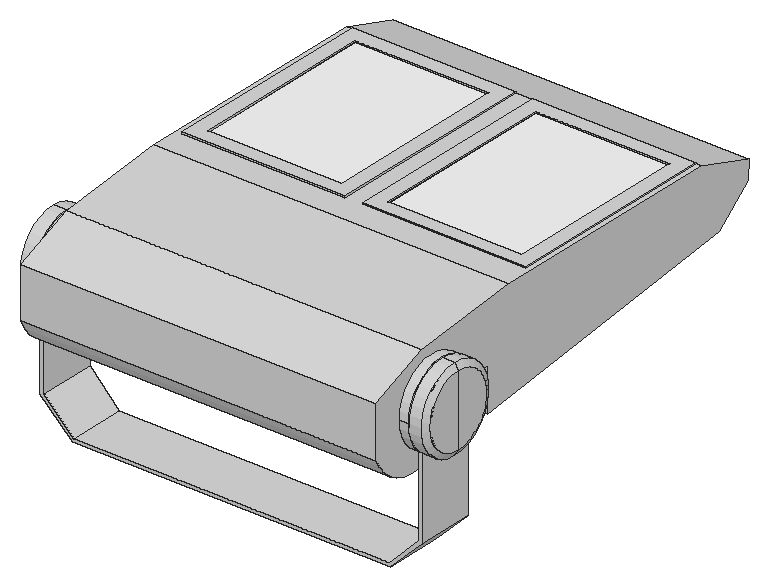
Revit family "0049112 Feilo Sylvania Lighting Fixture SYLVEO LED 12000LM NAR 4K", category Lighting Fixtures, host Face, Revit 2017
Family settings
  Host = Face
  Round Connector Dimension = Use Diameter
  Part Type = Normal
  Cut with Voids When Loaded = No
  Light Source = No
  Shared = No
  Room Calculation Point = No
Parameters (values of type "0049112 SYLVEO LED 12000LM NAR 4K")
  Weight = "8.38 kg"
  Wattage Comments = "n/a"
  WarrantyStartDate [instance] = "n/a"
  WarrantyGuarantorParts = "n/a"
  WarrantyDurationUnit = "n/a"
  WarrantyDurationParts = "n/a"
  WarrantyDescription = "n/a"
  Voltage = 230 V
  URL = "http://www.sylvania-lighting.com"
  TypeName = "SYLVEO LED 12000LM NAR 4K"
  TypeBody_FEILO = Sylveo Large Body : 0049112 SYLVEO LED 12000LM NAR 4K
  Type Image = <None>
  Type Comments = "n/a"
  TotalWidth = 344 mm
  TiltAngle [instance] = 0.00°
  StartAngle [instance] = -TiltAngle  # 0.00°
  SerialNumber [instance] = "n/a"
  PowerFactor = 0
  PowerConsumption = "120.7 W"
  NominalWidth = 0 mm
  NominalLength = 344 mm
  NominalHeight = 392 mm
  Name = "SYLVEO LED 12000LM NAR 4K"
  ModelReference = "SYLVEO LED 12000LM NAR 4K"
  ModelNumber = "0049112"
  Model = "SYLVEO LED 12000LM NAR 4K"
  Material_4_FEILO = none
  Material_3_FEILO = none
  Material_2_FEILO = none
  Material_1_FEILO = Body-Sylvania-Sylveo-Aluminium
  Material = "aluminium housing, glass diffuser"
  ManufacturerName = "Feilo Sylvania"
  Manufacturer = "Feilo Sylvania"
  LuminousEfficacy = "104.7 lm/W"
  LuminaireType = ""
  LightOutputRatio = "100"
  LampsType = Lamp  # "LED"
  LampNominalLuminous = "12637 lm"
  LampMacAdamStep = "6"
  LampColourTemperature = "4000 K"
  LampColourRenderingIndex = "70"
  Lamp = "LED"
  Keynote = "16500"
  InstallationDate [instance] = "n/a"
  InputVoltage = "100-240V~"
  InputNominalFrequency = "50 Hz"
  IngressProtection = "IP66"
  ImpactProtectionIndex = "IK08"
  IfcExportType = "IfcLightFixtureType"
  IfcExportAs = "IfcLightFixtureType"
  HingeHeight = 121 mm
  ExpectedLife = 50000
  EndAngle [instance] = StartAngle + 180.00°  # 180.00°
  ElectricShockClassification = "Class I"
  DurationUnit = "hours"
  DocumentationLiterature = "http://www.sylvania-lighting.com/product/en-int/products/0049112"
  DimmingControlOptions = "Non dimmable"
  Description = "Exterior LED Floodlight, comes complete with a 1000mm cable and adjustable bracket, aluminium housing, clear glass diffuser, IP66, IK08, Class I, 4000K, Non-dimming, 12637lm, 121W, 105lm/W, 4000K, 3600mA, CRI70, 30° beam angle, 50000hrs, (LxWxD) 98x344x392mm"
  Default Elevation = 1219.2 mm
  CreatedOn = "12/18/2017"
  CreatedBy = ""
  Cost = 0
  built-in parameter 1114216 [instance] = (empty or 0)
  ClassificationValue = "EF_70_80"
  ClassificationName = "Uniclass2015"
  Calculate Coefficient of Utilization = no
  BracketWidth = 48 mm
  BracketThickness = 3 mm
  BracketOuterWidth = BracketInnerWidth + 2 * BracketThickness  # 322 mm
  BracketInnerWidth = 316 mm
  BracketFold = 25 mm
  BracketExtrusionStart = -BracketWidth / 2  # -24 mm
  BracketExtrusionEnd = BracketWidth / 2  # 24 mm
  BarCode [instance] = "n/a"
  AssetType = "Fixed"
  AssetIdentifier [instance] = "n/a"
  Assembly Code = "D5020200"
  Apparent Load = 120.7 VA
Reference planes
  plane 1 "Center (Front/Back)": y = 0
  plane 2: z = 0
  plane 3 "Center (Left/Right)": x = 0
  plane 4: x = 158
  plane 5: x = -158
  plane 6: z = 121
  plane 7: x = 172
  plane 8: x = -172
  plane 9: z = 156
  plane 10: z = 86
  plane 11: x = 169
  plane 12: x = -169
  plane 13: x = 161
  plane 14: x = -161
  plane 15: z = 3
  plane 16: z = 28
  plane 17: x = 133
  plane 18: x = -133
  plane 19: z = 91
Forms (mm)
  Extrusion 1, solid, material "Body-Sylvania-Sylveo-Aluminium" <- "Material_1_FEILO"
    sketch origin (0, 0, 0) x (1, 0, 0) y (0, 0, 1)
      loop
        line (0, 3) -> (0, 0) -> (133.828, 0) -> (161, 27.172) -> (161, 121) -> (158, 121) -> (158, 28) -> (133, 3) -> (0, 3)
    from -24 <- "BracketExtrusionStart" to 24 <- "BracketExtrusionEnd"
  Extrusion 2, solid, material "Body-Sylvania-Sylveo-Aluminium" <- "Material_1_FEILO"
    sketch origin (0, 0, 0) x (-1, 0, 0) y (0, 0, -1)
      loop
        line (0, -3) -> (133, -3) -> (158, -28) -> (158, -121) -> (161, -121) -> (161, -27.172) -> (133.828, 0) -> (0, 0) -> (0, -3)
    from -24 <- "BracketExtrusionStart" to 24 <- "BracketExtrusionEnd"
  Revolve 3, solid, material "Body-Sylvania-Sylveo-Aluminium" <- "Material_1_FEILO"
    sketch origin (0, 0, 0) x (1, 0, 0) y (0, 0, 1)
      loop
        line (-158, 121) -> (-172, 121) -> (-172, 91) -> (-169, 86) -> (-158, 86) -> (-158, 121)
      axis (-158, 121) -> (-172, 121)
    angle from 0 to 360
  Revolve 4, solid, material "Body-Sylvania-Sylveo-Aluminium" <- "Material_1_FEILO"
    sketch origin (0, 0, 0) x (-1, 0, 0) y (0, 0, 1)
      loop
        line (-158, 121) -> (-172, 121) -> (-172, 91) -> (-169, 86) -> (-158, 86) -> (-158, 121)
      axis (-158, 121) -> (-172, 121)
    angle from 0 to 360
  Revolve 5, solid, not visible
    sketch origin (181.107, 0, 121) x (1, 0, 0) y (0, 1, 0)
      loop
        line (-191.101, 0) -> (-171.112, 0) -> (-171.112, 10) -> (-191.101, 10) -> (-191.101, 0)
      axis (-171.112, 0) -> (-191.101, 0)
    angle from 0 <- "StartAngle" to 180 <- "EndAngle"
Cuts and joins
  joined: Extrusion 1, Extrusion 2, Revolve 3, Revolve 4
Dimensions and locks
  equal spacing: plane 5, plane 3 "Center (Left/Right)", plane 4
  equal spacing: plane 7, plane 3 "Center (Left/Right)", plane 8
  "TotalWidth": plane 7 to plane 8
  "HingeHeight": plane 2 to plane 6
  equal spacing: plane 10, plane 6, plane 9
  locked: plane 10 to plane 9 at 70
  equal spacing: plane 11, plane 3 "Center (Left/Right)", plane 12
  locked: plane 11 to plane 12 at 338
  equal spacing: plane 13, plane 3 "Center (Left/Right)", plane 14
  "BracketThickness": plane 2 to plane 15
  equal spacing: plane 17, plane 3 "Center (Left/Right)", plane 18
  locked: plane 19 to plane 10 at 5
  locked: Revolve 5 sketch curve to Revolve 5 sketch curve at 10
  equal spacing: Revolve 5 sketch curve, plane 3 "Center (Left/Right)", Revolve 5 sketch curve
  locked: Revolve 5 sketch curve to Revolve 5 sketch curve at 19.988
  "BracketInnerWidth": plane 5 to plane 4
  "BracketOuterWidth": plane 13 to plane 14
  "BracketFold": plane 4 to plane 17
  "BracketFold": plane 15 to plane 16
  aligned and locked: plane 2 to host face
  aligned and locked: level to host face
  aligned and locked: Revolve 3 sketch curve to plane 10
  aligned and locked: Revolve 3 sketch curve to plane 8
  aligned and locked: plane 5 to Revolve 3 sketch curve
  aligned and locked: Revolve 3 sketch curve to plane 6  (x2)
  aligned and locked: Revolve 5 sketch curve to plane 1 "Center (Front/Back)"
  aligned and locked: plane 3 "Center (Left/Right)" to nested 1
Automatic sketch dimensions
  host sketch curve to host sketch curve = 2438.4 mm  (x2)
  Extrusion 1 sketch curve to plane 3 "Center (Left/Right)" = 0 mm  (x2)
  Extrusion 1 sketch curve to level = 0 mm  (x2)
  Extrusion 1 sketch curve to plane 15 = 0 mm
  Extrusion 1 sketch curve to plane 17 = 0 mm
  plane 4 to Extrusion 1 sketch curve = 0 mm
  Extrusion 1 sketch curve to plane 13 = 0 mm  (x2)
  Extrusion 1 sketch curve to plane 6 = 0 mm  (x2)
  Extrusion 1 sketch curve to plane 16 = 0 mm
  plane 17 to Extrusion 1 sketch curve = 0.828 mm
  Extrusion 1 sketch curve to plane 16 = 0.828 mm
  Extrusion 2 sketch curve to plane 3 "Center (Left/Right)" = 0 mm  (x2)
  Extrusion 2 sketch curve to level = 0 mm  (x2)
  Extrusion 2 sketch curve to plane 15 = 0 mm
  plane 18 to Extrusion 2 sketch curve = 0 mm
  plane 5 to Extrusion 2 sketch curve = 0 mm
  plane 14 to Extrusion 2 sketch curve = 0 mm  (x2)
  Extrusion 2 sketch curve to plane 6 = 0 mm  (x2)
  Extrusion 2 sketch curve to plane 16 = 0 mm
  Extrusion 2 sketch curve to plane 18 = 0.828 mm
  plane 16 to Extrusion 2 sketch curve = 0.828 mm
  plane 12 to Revolve 3 sketch curve = 0 mm
  Revolve 3 sketch curve to plane 19 = 0 mm
  plane 8 to Revolve 3 sketch curve = 77.715 mm
  plane 7 to Revolve 3 sketch curve = 78.607 mm
  Revolve 4 sketch curve to plane 6 = 0 mm  (x2)
  Revolve 4 sketch curve to plane 7 = 0 mm
  Revolve 4 sketch curve to plane 10 = 0 mm
  Revolve 4 sketch curve to plane 11 = 0 mm
  plane 4 to Revolve 4 sketch curve = 0 mm
  Revolve 4 sketch curve to plane 19 = 0 mm
  Revolve 4 sketch curve to Revolve 4 sketch curve = 77.715 mm
  Revolve 4 sketch curve to plane 8 = 78.607 mm
  plane 1 "Center (Front/Back)" to Revolve 5 sketch curve = 0 mm
  plane 8 to Revolve 5 sketch curve = 1421.5 mm
  plane 7 to Revolve 5 sketch curve = 1421.5 mm
Nested families
  nested 1: "Sylveo Large Body" at (0, 0, 121), type <- "TypeBody_FEILO", type "0049112 SYLVEO LED 12000LM NAR 4K"
Definition of nested family "Sylveo Large Body"
  Parameters (values of type "0049144 SYLVEO LED 12000LM RASYM 4K DALI ")
    Wattage = 120 W
    built-in parameter 1150110 = 1 (stored number, unit not read)
    VoidExtrusionStart = -BodyWidth / 2  # -158 mm
    URL = "http://www.feilosylvania.com"
    Type Comments = "n/a"
    built-in parameter 1114217 = 1 (stored number, unit not read)
    TiltAngle = 0.00°
    Tilt Angle = -90.00°
    built-in parameter 1150109 = 1 (stored number, unit not read)
    built-in parameter 1150134 = 12
    built-in parameter 1150113 = 1 (stored number, unit not read)
    Photometric Web File = "0049144.ies"
    Material_3_FEILO = none
    Model = "SYLVEO LED 12000LM RASYM 4K DALI"
    Manufacturer = "Feilo Sylvania"
    built-in parameter 1150105 = 6486.1 (stored number, unit not read)
    Lumens = 12552 lm
    built-in parameter 1150115 = 1 (stored number, unit not read)
    built-in parameter 1150137 = (empty or 0)
    built-in parameter 1150139 = (empty or 0)
    built-in parameter 1150112 = 1 (stored number, unit not read)
    built-in parameter 1150114 = 1 (stored number, unit not read)
    Lamp = "LED"
    Keynote = "16500"
    built-in parameter 1150132 = (empty or 0)
    built-in parameter 1150102 = (empty or 0)
    built-in parameter 1150107 = 4000 (stored number, unit not read)
    built-in parameter 1150138 = (empty or 0)
    built-in parameter 1150106 = 64.861 (stored number, unit not read)
    HingeRadius = 35 mm
    HingeFromTop = 51.5 mm
    Material_2_FEILO = none
    Emit from Rectangle Width = 155.3 mm
    Emit from Rectangle Length = 265 mm
    Emit Shape Visible in Rendering = no
    built-in parameter 1150104 = 9.7177 (stored number, unit not read)
    Dimming Lamp Color Temperature Shift = (empty or 0)
    Description = "Exterior LED floodlight, comes complete with a 1000mm cable and adjustable bracket, aluminium housing, clear glass diffuser, 12547lm, 120W, 104lm/W, 4000K, 3570mA, CRI70, 52°x117° beam angle, DALI dimmable, IP66, IK08, Class I, 50000hrs, (LxWxD) 98x344x392mm"
    Default Elevation = 1219.2 mm
    Cost = 0
    Color Filter = 16777215
    BodyWidthTop = 299 mm
    Material_1_FEILO = none
    BodyWidth = 316 mm
    BodyHeight = 392 mm
    BodyExtrusionStart = -(BodyDepth - HingeFromTop)  # -46.5 mm
    BodyExtrusionEnd = HingeFromTop  # 51.5 mm
    BodyDepth = 98 mm
    built-in parameter 1114218 = 1 (stored number, unit not read)
    built-in parameter 1150133 = 10 (stored number, unit not read)
    Assembly Code = "D5020200"
    Material_4_FEILO = none
    Apparent Load = 120 VA
  Types (9, lengths in mm): name | Wattage | built-in parameter 1150134 | Photometric Web File | Model | built-in parameter 1150105 | Lumens | built-in parameter 1150107 | built-in parameter 1150106 | built-in parameter 1150104 | Description | Apparent Load
    0049144 SYLVEO LED 12000LM RASYM 4K DALI | 120 W | 12 | "0049144.ies" | "SYLVEO LED 12000LM RASYM 4K DALI" | 6486.1 (stored number, unit not read) | 12552 lm | 4000 (stored number, unit not read) | 64.861 (stored number, unit not read) | 9.7177 (stored number, unit not read) | "Exterior LED floodlight, comes complete with a 1000mm cable and adjustable bracket, aluminium housing, clear glass diffuser, 12547lm, 120W, 104lm/W, 4000K, 3570mA, CRI70, 52°x117° beam angle, DALI dimmable, IP66, IK08, Class I, 50000hrs, (LxWxD) 98x344x392mm" | 120 VA
    0049143 SYLVEO LED 12000LM WIDE 4K DALI | 121 W | 12 | "0049143.ies" | "SYLVEO LED 12000LM WIDE 4K DALI" | 16096.1 (stored number, unit not read) | 13225.3 lm | 4000 (stored number, unit not read) | 160.96 (stored number, unit not read) | 10.154 (stored number, unit not read) | "Exterior LED floodlight, comes complete with a 1000mm cable and adjustable bracket, aluminium housing, clear glass diffuser, 13222lm, 120W, 109lm/W, 4000K, 3570mA, CRI70, 52° beam angle, DALI dimmable, IP66, IK08, Class I, 50000hrs, (LxWxD) 98x344x392mm" | 121 VA
    0049142 SYLVEO LED 12000LM NAR 4K DALI | 121 W | 12 | "0049142.ies" | "SYLVEO LED 12000LM NAR 4K DALI" | 29878.8 (stored number, unit not read) | 12838.1 lm | 4000 (stored number, unit not read) | 298.79 (stored number, unit not read) | 9.857 (stored number, unit not read) | "Exterior LED floodlight, comes complete with a 1000mm cable and adjustable bracket, aluminium housing, clear glass diffuser, 12833lm, 121W, 106lm/W, 4000K, 3570mA, 30° beam angle, CRI70, DALI dimmable, IP66, IK08, Class I, 50000hrs, (LxWxD) 98x344x392mm" | 121 VA
    0049117 SYLVEO LED 12000LM RASYM 3K | 120.6 W | (empty or 0) | "0049117.ies" | "SYLVEO LED 12000LM RASYM 3K" | 6411.7 (stored number, unit not read) | 12409.7 lm | 3000 (stored number, unit not read) | 64.117 (stored number, unit not read) | 9.5597 (stored number, unit not read) | "Exterior LED Floodlight, comes complete with a 1000mm cable and adjustable bracket, aluminium housing, clear glass diffuser, IP66, IK08, Class I, 3000K, Non-dimming, 12412lm, 121W, 103lm/W, 3600mA, CRI70, 52°x117° beam angle, 50000hrs, (LxWxD) 98x344x392mm" | 120.6 VA
    0049116 SYLVEO LED 12000LM WIDE 3K | 120.2 W | (empty or 0) | "0049116.ies" | "SYLVEO LED 12000LM WIDE 3K" | 15595 (stored number, unit not read) | 12392.6 lm | 3000 (stored number, unit not read) | 155.95 (stored number, unit not read) | 9.5783 (stored number, unit not read) | "Exterior LED Floodlight, comes complete with a 1000mm cable and adjustable bracket, aluminium housing, clear glass diffuser, IP66, IK08, Class I, 3000K, Non-dimming, 12393lm, 120W, 103lm/W, 3600mA, CRI70, 52° beam angle, 50000hrs, (LxWxD) 98x344x392mm" | 120.2 VA
    0049115 SYLVEO LED 12000LM NAR 3K | 121.3 W | (empty or 0) | "0049115.ies" | "SYLVEO LED 12000LM NAR 3K" | 29900.5 (stored number, unit not read) | 12154.3 lm | 3000 (stored number, unit not read) | 299 (stored number, unit not read) | 9.3089 (stored number, unit not read) | "Exterior LED Floodlight, comes complete with a 1000mm cable and adjustable bracket, aluminium housing, clear glass diffuser, IP66, IK08, Class I, 3000K, Non-dimming, 12149lm, 121W, 100lm/W, 3600mA, CRI70, 30° beam angle, 50000hrs, (LxWxD) 98x344x392mm" | 121.3 VA
    0049114 SYLVEO LED 12000LM RASYM 4K | 121.5 W | 12 | "0049114.ies" | "SYLVEO LED 12000LM RASYM 4K" | 6754.6 (stored number, unit not read) | 13073.4 lm | 4000 (stored number, unit not read) | 67.546 (stored number, unit not read) | 9.9964 (stored number, unit not read) | "Exterior LED Floodlight, comes complete with a 1000mm cable and adjustable bracket, aluminium housing, clear glass diffuser, IP66, IK08, Class I, 4000K, Non-dimming, 13073lm, 122W, 108lm/W, 3600mA, CRI70, 52°x117° beam angle, 50000hrs, (LxWxD) 98x344x392mm" | 121.5 VA
    0049113 SYLVEO LED 12000LM WIDE 4K | 121.5 W | 12 | "0049113.ies" | "SYLVEO LED 12000LM WIDE 4K" | 15077 (stored number, unit not read) | 13158.5 lm | 4000 (stored number, unit not read) | 150.77 (stored number, unit not read) | 10.061 (stored number, unit not read) | "Exterior LED Floodlight, comes complete with a 1000mm cable and adjustable bracket, aluminium housing, clear glass diffuser, IP66, IK08, Class I, 4000K, Non-dimming, 13159lm, 122W, 108lm/W, 3600mA, CRI70, 52° beam angle, 50000hrs, (LxWxD) 98x344x392mm" | 121.5 VA
    0049112 SYLVEO LED 12000LM NAR 4K | 120.7 W | 12 | "0049112.ies" | "SYLVEO LED 12000LM NAR 4K" | 28932.3 (stored number, unit not read) | 12637.3 lm | 4000 (stored number, unit not read) | 289.32 (stored number, unit not read) | 9.7269 (stored number, unit not read) | "Exterior LED Floodlight, comes complete with a 1000mm cable and adjustable bracket, aluminium housing, clear glass diffuser, IP66, IK08, Class I, 4000K, Non-dimming, 12637lm, 121W, 105lm/W, 4000K, 3600mA, CRI70, 30° beam angle, 50000hrs, (LxWxD) 98x344x392mm" | 120.7 VA
  Reference planes
    plane 1 "Center (Front/Back)": y = 0
    plane 2: z = 0
    plane 3 "Center (Left/Right)": x = 0
    plane 4: y = 333.243
    plane 5: y = 313.009
    plane 6: y = 284.289
    plane 7: y = 271.887
    plane 8: y = 116.539
    plane 9: y = 104.79
    plane 10: y = 81.292
    plane 11: y = 43.434
    plane 12: y = 35
    plane 13: y = -35
    plane 14: y = -58.757
    plane 15: x = -132.503
    plane 16: x = -19.582
    plane 17: x = 19.582
    plane 18: x = 132.503
    plane 19: x = -3.59
    plane 20: x = 3.59
    plane 21: x = -149.5
    plane 22: x = 149.5
    plane 23: x = -158
    plane 24: x = 158
    plane 25: y = -10.721
    plane 26: z = 22.496
    plane 27: z = -20
    plane 28: y = -20.127
    plane 29: y = 49.579
    plane 30: y = 58.954
    plane 31: z = -40.407
    plane 32: z = -36.657
    plane 33: y = 302.105
    plane 34: z = -6.225
    plane 35: z = 35.293
    plane 36: z = 19.043
    plane 37: z = 42.496
    plane 38: x = -144.5
    plane 39: x = 144.5
    plane 40: x = -7.34
    plane 41: x = 7.34
    plane 42: y = 194.213
  Forms (mm)
    Extrusion 1, solid
      sketch origin (-0.8, 0, 0) x (1, 0, 0) y (0, 1, 0)
        loop
          line (-1219.2, 1219.2) -> (-1219.2, -1219.2) -> (1219.2, -1219.2) -> (1219.2, 1219.2) -> (-1219.2, 1219.2)
      from 0 to -304.8
    Revolve 2, solid, material <- "Material_1_FEILO"
      sketch origin (0, 0, 0) x (1, 0, 0) y (0, 1, 0)
        loop
          line (-158, 35) -> (-158, 0) -> (-149.5, 0) -> (-149.5, 35) -> (-158, 35)
        loop
          line (158, 0) -> (158, 35) -> (149.5, 35) -> (149.5, 0) -> (158, 0)
        axis (158, 0) -> (-158, 0)
      angle from 0 to 360
    Extrusion 3, solid, material <- "Material_1_FEILO"
      sketch origin (0, 0, 0) x (1, 0, 0) y (0, 1, 0)
        loop
          line (-149.5, 333.243) -> (-149.5, -58.757) -> (149.5, -58.757) -> (149.5, 333.243) -> (-149.5, 333.243)
      from -46.5 <- "BodyExtrusionStart" to 51.5 <- "BodyExtrusionEnd"
    Extrusion 4, void
      sketch origin (0, 0, 0) x (0, 1, 0) y (0, 0, 1)
        loop
          line (81.292, 51.5) -> (-58.757, 51.5) -> (-58.757, 22.496) -> (-10.721, 42.496) -> (81.292, 51.5)
        loop
          line (-58.757, -20) -> (-58.757, -46.5) -> (-20.127, -46.5)
          arc (-20.127, -46.5) -> (-43.549, -39.238) -> (-58.757, -20) r 41.406
      from -158 <- "VoidExtrusionStart" to 316 <- "BodyWidth"
    Extrusion 5, void, detail levels medium+fine
      sketch origin (0, 0, 0) x (0, 1, 0) y (0, 0, 1)
        loop
          line (-20.127, -46.5) -> (333.243, -46.5) -> (333.243, 19.043) -> (302.105, -6.225) -> (58.954, -36.657) -> (58.954, 0) -> (49.579, 0) -> (49.579, -40.407) -> (-20.127, -46.5)
        loop
          line (333.243, 51.5) -> (284.289, 51.5)
          arc (284.289, 51.5) -> (309.162, 44.591) -> (333.243, 35.293) r 264.729
          line (333.243, 35.293) -> (333.243, 51.5)
      from -158 <- "VoidExtrusionStart" to 316 <- "BodyWidth"
    Extrusion 6, solid, material <- "Material_1_FEILO", detail levels medium+fine
      sketch origin (0, 0, 51.5) x (1, 0, 0) y (0, 1, 0)
        loop
          line (-144.5, 284.289) -> (-144.5, 104.79) -> (-7.34, 104.79) -> (-7.34, 284.289) -> (-144.5, 284.289)
        loop
          line (7.34, 284.289) -> (7.34, 104.79) -> (144.5, 104.79) -> (144.5, 284.289) -> (7.34, 284.289)
        loop
          line (19.582, 271.887) -> (19.582, 116.539) -> (132.503, 116.539) -> (132.503, 271.887) -> (19.582, 271.887)
        loop
          line (-19.582, 116.539) -> (-19.582, 271.887) -> (-132.503, 271.887) -> (-132.503, 116.539) -> (-19.582, 116.539)
      from 0 to 1
    Extrusion 7, void
      sketch origin (0, 0, 51.5) x (0, 1, 0) y (1, 0, 0)
        loop
          line (271.887, -132.503) -> (271.887, -19.582) -> (116.539, -19.582) -> (116.539, -132.503) -> (271.887, -132.503)
        loop
          line (116.539, 19.582) -> (271.887, 19.582) -> (271.887, 132.503) -> (116.539, 132.503) -> (116.539, 19.582)
      from 0 to 10
    Extrusion 8, solid, material <- "Material_2_FEILO"
      sketch origin (0, 0, 51.5) x (1, 0, 0) y (0, 1, 0)
        loop
          line (-132.503, 271.887) -> (-132.503, 116.539) -> (-19.582, 116.539) -> (-19.582, 271.887) -> (-132.503, 271.887)
        loop
          line (19.582, 116.539) -> (132.503, 116.539) -> (132.503, 271.887) -> (19.582, 271.887) -> (19.582, 116.539)
      from 0 to -1
  Cuts and joins
    Extrusion 4, Extrusion 5, Extrusion 7 cuts Revolve 2
    Extrusion 4, Extrusion 5, Extrusion 7 cuts Extrusion 3
    joined: Revolve 2, Extrusion 3
  Dimensions and locks
    equal spacing: plane 19, plane 3 "Center (Left/Right)", plane 20
    equal spacing: plane 16, plane 3 "Center (Left/Right)", plane 17
    equal spacing: plane 15, plane 3 "Center (Left/Right)", plane 18
    locked: plane 16 to plane 17 at 39.163
    locked: plane 19 to plane 20 at 7.18
    locked: plane 15 to plane 18 at 265.006
    locked: plane 7 to plane 8 at 155.348
    locked: plane 6 to plane 9 at 179.499
    locked: plane 5 to plane 10 at 231.717
    "BodyHeight": plane 4 to plane 14
    equal spacing: plane 12, plane 1 "Center (Front/Back)", plane 13
    "HingeRadius": plane 12 to plane 1 "Center (Front/Back)"
    equal spacing: plane 21, plane 3 "Center (Left/Right)", plane 22  (x2)
    equal spacing: plane 23, plane 3 "Center (Left/Right)", plane 24
    "BodyWidth": plane 23 to plane 24
    "BodyWidthTop": plane 21 to plane 22
    locked: plane 1 "Center (Front/Back)" to plane 14 at 58.757
    locked: plane 1 "Center (Front/Back)" to plane 11 at 43.434
    locked: plane 1 "Center (Front/Back)" to plane 10 at 81.292
    locked: plane 9 to plane 1 "Center (Front/Back)" at 104.79
    locked: plane 8 to plane 1 "Center (Front/Back)" at 116.539
    equal spacing: plane 38, plane 3 "Center (Left/Right)", plane 39
    equal spacing: plane 40, plane 3 "Center (Left/Right)", plane 41
    equal spacing: plane 7, plane 42, plane 8, locked at 77.674 each
    aligned and locked: plane 2 to Extrusion 1
    aligned and locked: level to Extrusion 1
    aligned and locked: Revolve 2 sketch curve to plane 1 "Center (Front/Back)"  (x3)
    aligned and locked: Revolve 2 sketch curve to plane 12  (x2)
    aligned and locked: Revolve 2 sketch curve to plane 23
    aligned and locked: Revolve 2 sketch curve to plane 21
    aligned and locked: plane 24 to Revolve 2 sketch curve
    aligned and locked: plane 22 to Revolve 2 sketch curve
    aligned and locked: Extrusion 3 sketch curve to plane 4
    aligned and locked: plane 21 to Extrusion 3 sketch curve
    aligned and locked: plane 14 to Extrusion 3 sketch curve
    aligned and locked: Extrusion 3 sketch curve to plane 22
    aligned and locked: plane 10 to Extrusion 4 sketch curve
    aligned and locked: plane 25 to Extrusion 4 sketch curve
    aligned and locked: plane 14 to Extrusion 4 sketch curve
    aligned and locked: Extrusion 4 sketch curve to cut or joined group of Revolve 2, Extrusion 3, Extrusion 4, Extrusion 5, Extrusion 7  (x2)
    aligned and locked: Extrusion 5 sketch curve to plane 29
    aligned and locked: Extrusion 5 sketch curve to level
    aligned and locked: plane 32 to Extrusion 5 sketch curve
    aligned and locked: Extrusion 5 sketch curve to plane 30
    aligned and locked: plane 34 to Extrusion 5 sketch curve
    aligned and locked: plane 36 to Extrusion 5 sketch curve
    aligned and locked: Extrusion 5 sketch curve to plane 4
    aligned and locked: plane 6 to Extrusion 5 sketch curve
    aligned and locked: plane 9 to Extrusion 6 sketch curve  (x2)
    aligned and locked: Extrusion 6 sketch curve to plane 6
    aligned and locked: Extrusion 6 sketch curve to plane 7  (x2)
    aligned and locked: plane 17 to Extrusion 6 sketch curve
    aligned and locked: plane 8 to Extrusion 6 sketch curve  (x2)
    aligned and locked: Extrusion 6 sketch curve to plane 18
    aligned and locked: Extrusion 6 sketch curve to plane 16
    aligned and locked: plane 15 to Extrusion 6 sketch curve
    aligned and locked: plane 38 to Extrusion 6 sketch curve
    aligned and locked: Extrusion 6 sketch curve to plane 39
    aligned and locked: Extrusion 6 sketch curve to plane 40
    aligned and locked: plane 41 to Extrusion 6 sketch curve
    aligned and locked: Extrusion 7 sketch curve to Extrusion 6  (x8)
    aligned and locked: Extrusion 8 sketch curve to cut or joined group of Revolve 2, Extrusion 3, Extrusion 4, Extrusion 5, Extrusion 7  (x8)
    aligned and locked: imposter light to plane 42
    aligned and locked: imposter light to plane 3 "Center (Left/Right)"
    aligned and locked: imposter light to Extrusion 6
  Automatic sketch dimensions
    Extrusion 1 sketch curve to Extrusion 1 sketch curve = 2438.4 mm  (x2)
    plane 23 to Revolve 2 sketch curve = 1366 mm
    Revolve 2 sketch curve to plane 24 = 1366 mm
    Extrusion 4 sketch curve to plane 14 = 0 mm
    Extrusion 4 sketch curve to plane 28 = 0 mm
    Extrusion 4 sketch curve to plane 27 = 0 mm
    Extrusion 4 sketch curve to plane 26 = 0 mm
    Extrusion 4 sketch curve to plane 37 = 0 mm
    Extrusion 5 sketch curve to plane 33 = 0 mm
    Extrusion 5 sketch curve to plane 31 = 0 mm
    plane 35 to Extrusion 5 sketch curve = 0 mm
    Extrusion 5 sketch curve to plane 7 = 45.926 mm
    Extrusion 5 sketch curve to plane 28 = 0 mm
    Extrusion 5 sketch curve to plane 4 = 0 mm
    Extrusion 5 sketch curve to plane 31 = 6.093 mm
    Extrusion 5 sketch curve to plane 31 = 166.316 mm
    Extrusion 6 sketch curve to Extrusion 6 sketch curve = 0 mm
